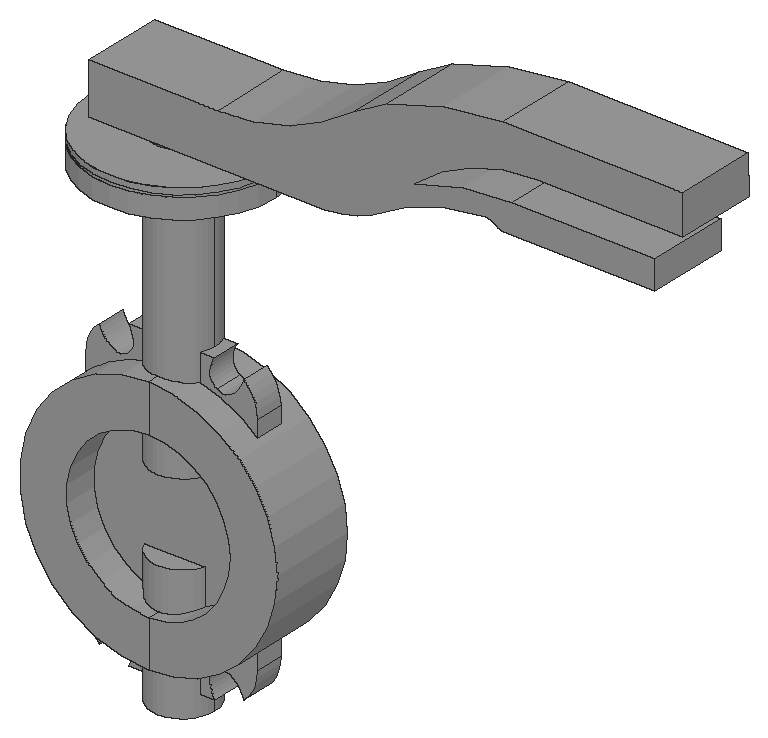
Revit family "2M_Butterfly Valve_UNIVAL_BWN-0203 - 40-300 mm", category Pipe Accessories, Revit 2016
Family settings
  Part Type = Valve - Breaks Into
  Round Connector Dimension = Use Diameter
  OmniClass Number = 23.65.55.14.17
  OmniClass Title = Adjusting/Controlling Valves for Liquid Services
  Work Plane-Based = No
  Always vertical = Yes
  Cut with Voids When Loaded = No
  Shared = No
Parameters (values of type "DN80")
  built-in parameter 1114242 [instance] = 1
  T = -10 mm
  Symbol_consist = Body_depth / 30 * 17  # 24.027 mm
  Seat Material = "EPDM, NBR"
  Loss Method = K Coefficient from Table
  Kv = 375
  K Coefficient Table = "Butterfly Valve Full Open"
  Ear_x1 = 22 mm
  Ear_y1 = 22 mm
  URL = "http://www.unival.com.tr/"
  Stem_top_h = 1 mm
  Standard No = "TS EN 593+A1"
  Pressure Rating = "PN16"
  Operator Type = M_Handle - Curved : Lever_260mm
  Model = "BWN-0203X080"
  Max. Working Temperature = "EPDM 120°C (water), NBR 90°C (water and petroleum oil)"
  Max. Working Pressure = "11 Bar"
  Max Diff. Pressure (Allowed) = "3 Bar"
  Manufacturer = "Giacomini Unival\r\nGiacomini Unival"
  Gasket Material = "EPDM, NBR"
  Stem_D = E / 51.5 * 34.5  # 30.816 mm
  Eclipse_r2 = Eclipse_r1 / 1.3  # 15.385 mm
  Eclipse_r1 = 20 mm
  Eclipse_l = 27 mm
  Eclipse_h = 70 mm
  EarEdge_r = 20 mm
  EarBottom_h = 75 mm
  E = 46 mm
  Disc_r = DN / 2  # 40 mm
  Description TR = "Wafer tip kelebek vana"
  Description = "Wafer type butterfly valve"
  DN = 80 mm
  D = 90 mm
  Connection Type = "Wafer"
  Certifications = "TSE EAC CE"
  Body_depth = DN * 0.53  # 42.4 mm
  Body Material = "Cast iron"
  Body_r = DN / 2 + 23 mm  # 63 mm
  B = 85 mm
  Eclipse_angle = 30.00°
  A = 160 mm
Types (10, lengths in mm): name | Symbol_consist | Kv | Ear_x1 | Ear_y1 | Stem_top_h | Operator Type | Model | Max Diff. Pressure (Allowed) | Stem_D | Eclipse_r2 | Eclipse_r1 | Eclipse_l | Eclipse_h | EarEdge_r | EarBottom_h | E | Disc_r | DN | D | Body_depth | Body_r | B | Eclipse_angle | A
  DN100 | 30.033 | 760 | 32 | 40 | 1 | M_Handle - Curved : Lever_260mm | "BWN-0203X100" | "3 Bar" | 34.5 | 20 | 26 | 36 | 86 | 25 | 90 | 51.5 | 50 | 100 | 90 | 53 | 73 | 100 | 30.00° | 180
  DN250 | 75.083 | 5050 | 75 | 70 | 26 | M_Handle - Curved : Lever_416mm | "BWN-0203X250" | "1.5 Bar" | 45.888 | 40 | 52 | 70 | 168 | 32 | 180 | 68.5 | 125 | 250 | 125 | 132.5 | 148 | 200 | 30.00° | 274
  DN40 | 12.013 | 49.5 | 20 | 22 | 1 | M_Handle - Curved : Lever_260mm | "BWN-0203X040" | "3 Bar" | 23.112 | 12.308 | 16 | 20 | 50 | 10 | 54 | 34.5 | 20 | 40 | 90 | 21.2 | 43 | 63.5 | 20.00° | 140
  DN50 | 15.017 | 115 | 22 | 22 | 1 | M_Handle - Curved : Lever_260mm | "BWN-0203X050" | "3 Bar" | 28.806 | 13.846 | 18 | 24 | 54 | 14 | 60 | 43 | 25 | 50 | 90 | 26.5 | 48 | 68.5 | 30.00° | 140
  DN65 | 19.522 | 255 | 24 | 22 | 1 | M_Handle - Curved : Lever_260mm | "BWN-0203X065" | "3 Bar" | 30.146 | 13.846 | 18 | 25 | 65 | 14 | 70 | 45 | 32.5 | 65 | 90 | 34.45 | 55.5 | 76 | 30.00° | 152
  DN80 | 24.027 | 375 | 22 | 22 | 1 | M_Handle - Curved : Lever_260mm | "BWN-0203X080" | "3 Bar" | 30.816 | 15.385 | 20 | 27 | 70 | 20 | 75 | 46 | 40 | 80 | 90 | 42.4 | 63 | 85 | 30.00° | 160
  DN125 | 37.542 | 1030 | 34 | 36 | 1 | M_Handle - Curved : Lever_260mm | "BWN-0203X125" | "3 Bar" | 37.515 | 21.538 | 28 | 38 | 98 | 28 | 105 | 56 | 62.5 | 125 | 90 | 66.25 | 85.5 | 120 | 30.00° | 191
  DN150 | 45.05 | 1790 | 42 | 42 | 1 | M_Handle - Curved : Lever_260mm | "BWN-0203X150" | "3 Bar" | 37.85 | 23.077 | 30 | 46 | 110 | 25 | 117 | 56.5 | 75 | 150 | 90 | 79.5 | 98 | 132 | 30.00° | 202
  DN200 | 60.067 | 3450 | 56 | 52 | 23 | M_Handle - Curved : Lever_326mm | "BWN-0203X200" | "3 Bar" | 40.194 | 32.308 | 42 | 58 | 136 | 30 | 145 | 60 | 100 | 200 | 125 | 106 | 123 | 160 | 30.00° | 237
  DN300 | 90.1 | 7420 | 80 | 80 | 26 | M_Handle - Curved : Lever_416mm | "BWN-0203X300" | "1.5 Bar" | 53.257 | 44.615 | 58 | 84 | 194 | 40 | 208 | 79.5 | 150 | 300 | 125 | 159 | 173 | 230 | 30.00° | 312
Reference planes
  plane 1 "Center (Front/Back)": y = 0
  plane 2: z = 0
  plane 3 "Center (Left/Right)": x = 0
  plane 4 "Disk": z = 40
  plane 5 "Disc 2": z = -40
  plane 6 "A": z = 160
  plane 7: z = -85
  plane 8: z = 20
  plane 9: z = -20
  plane 10 "Handle_Plane": z = 161
  plane 11: y = 21.2
  plane 12: y = -21.2
  plane 13: x = -84.994
  plane 14: x = 84.994
Forms (mm)
  Extrusion 1, solid, material "UNIVAL_Grey", detail levels fine
    sketch origin (0, 0, 0) x (1, 0, 0) y (0, 0, 1)
      loop
        circle (0, 0) r 40
    from -5 to 5
  Revolve 2, solid, material "UNIVAL_IRON", detail levels fine
    sketch origin (0, 0, 0) x (0, 1, 0) y (0, 0, 1)
      loop
        line (21.2, 63) -> (-21.2, 63) -> (-21.2, 40) -> (21.2, 40) -> (21.2, 63)
      axis (21.2, 0) -> (-21.2, 0)
    angle from 0 to 360
  Extrusion 3, solid, material "UNIVAL_IRON", detail levels fine
    sketch origin (0, 0, 0) x (1, 0, 0) y (0, 1, 0)
      loop
        circle (0, 0) r 15.408
    from 40 to 160
  Extrusion 4, solid, material "UNIVAL_IRON", detail levels fine
    sketch origin (0, 0, 0) x (1, 0, 0) y (0, 1, 0)
      loop
        circle (0, 0) r 15.408
    from -85 to -40
  Extrusion 5, solid, material "UNIVAL_IRON", detail levels fine
    sketch origin (0, 0, 160) x (1, 0, 0) y (0, 1, 0)
      loop
        circle (0, 0) r 45
    from -10 <- "T" to 0
  Extrusion 6, solid, material "UNIVAL_Grey", detail levels fine
    sketch origin (0, 0, 40) x (-1, 0, 0) y (0, -1, 0)
      loop
        circle (0, 0) r 15.408
    from -20 to 0
  Extrusion 7, solid, material "UNIVAL_Grey", detail levels fine
    sketch origin (0, 0, -40) x (-1, 0, 0) y (0, -1, 0)
      loop
        circle (0, 0) r 15.408
    from 0 to 20
  Extrusion 8, solid, material "UNIVAL_IRON", detail levels fine
    sketch origin (-1351.99, -1524, 160) x (-1, 0, 0) y (0, -1, 0)
      loop
        circle (-1351.99, -1524) r 45
    from 0 to 1 <- "Stem_top_h"
  Extrusion 9, solid, material "UNIVAL_IRON", detail levels fine
    sketch origin (0, 0, 0) x (1, 0, 0) y (0, 0, 1)
      loop
        arc (-22, 75) -> (-36.142, 69.142) -> (-42, 55) r 20
        line (-42, 55) -> (-42, 46.957)
        arc (-42, 46.957) -> (0, 63) -> (42, 46.957) r 63
        line (42, 46.957) -> (42, 55)
        arc (42, 55) -> (36.142, 69.142) -> (22, 75) r 20
        line (22, 75) -> (0, 75) -> (-22, 75)
      loop
        line (-22, -75) -> (0, -75) -> (22, -75)
        arc (22, -75) -> (36.142, -69.142) -> (42, -55) r 20
        line (42, -55) -> (42, -46.957)
        arc (42, -46.957) -> (0, -63) -> (-42, -46.957) r 63
        line (-42, -46.957) -> (-42, -55)
        arc (-42, -55) -> (-36.142, -69.142) -> (-22, -75) r 20
    from -7 to 7
  Extrusion 10, void, detail levels medium+fine
    sketch origin (0, 0, 0) x (1, 0, 0) y (0, 0, 1)
      loop
        spline (22, 61.34) -> (23.895, 60.639) -> (26.001, 60.577) -> (28.175, 61.157) -> (30.269, 62.339) -> (32.141, 64.043) -> (33.662, 66.154) -> (34.729, 68.526) -> (35.269, 70.999) -> (35.246, 73.404) -> (34.661, 75.577) -> (33.554, 77.37) -> (32, 78.66)
        spline (32, 78.66) -> (30.105, 79.361) -> (27.999, 79.423) -> (25.825, 78.843) -> (23.731, 77.661) -> (21.859, 75.957) -> (20.338, 73.846) -> (19.271, 71.474) -> (18.731, 69.001) -> (18.754, 66.596) -> (19.339, 64.423) -> (20.446, 62.63) -> (22, 61.34)
    from -7 to 7
  Extrusion 11, void, detail levels medium+fine
    sketch origin (0, 0, 0) x (-1, 0, 0) y (0, 0, -1)
      loop
        spline (22, -61.34) -> (20.446, -62.63) -> (19.339, -64.423) -> (18.754, -66.596) -> (18.731, -69.001) -> (19.271, -71.474) -> (20.338, -73.846) -> (21.859, -75.957) -> (23.731, -77.661) -> (25.825, -78.843) -> (27.999, -79.423) -> (30.105, -79.361) -> (32, -78.66)
        spline (32, -78.66) -> (33.554, -77.37) -> (34.661, -75.577) -> (35.246, -73.404) -> (35.269, -70.999) -> (34.729, -68.526) -> (33.662, -66.154) -> (32.141, -64.043) -> (30.269, -62.339) -> (28.175, -61.157) -> (26.001, -60.577) -> (23.895, -60.639) -> (22, -61.34)
    from -7 to 7
  Extrusion 12, void, detail levels medium+fine
    sketch origin (0, 0, 0) x (1, 0, 0) y (0, 0, 1)
      loop
        spline (22, -61.34) -> (20.446, -62.63) -> (19.339, -64.423) -> (18.754, -66.596) -> (18.731, -69.001) -> (19.271, -71.474) -> (20.338, -73.846) -> (21.859, -75.957) -> (23.731, -77.661) -> (25.825, -78.843) -> (27.999, -79.423) -> (30.105, -79.361) -> (32, -78.66)
        spline (32, -78.66) -> (33.554, -77.37) -> (34.661, -75.577) -> (35.246, -73.404) -> (35.269, -70.999) -> (34.729, -68.526) -> (33.662, -66.154) -> (32.141, -64.043) -> (30.269, -62.339) -> (28.175, -61.157) -> (26.001, -60.577) -> (23.895, -60.639) -> (22, -61.34)
    from -7 to 7
  Extrusion 13, void, detail levels medium+fine
    sketch origin (0, 0, 0) x (-1, 0, 0) y (0, 0, -1)
      loop
        spline (22, 61.34) -> (23.895, 60.639) -> (26.001, 60.577) -> (28.175, 61.157) -> (30.269, 62.339) -> (32.141, 64.043) -> (33.662, 66.154) -> (34.729, 68.526) -> (35.269, 70.999) -> (35.246, 73.404) -> (34.661, 75.577) -> (33.554, 77.37) -> (32, 78.66)
        spline (32, 78.66) -> (30.105, 79.361) -> (27.999, 79.423) -> (25.825, 78.843) -> (23.731, 77.661) -> (21.859, 75.957) -> (20.338, 73.846) -> (19.271, 71.474) -> (18.731, 69.001) -> (18.754, 66.596) -> (19.339, 64.423) -> (20.446, 62.63) -> (22, 61.34)
    from -7 to 7
Cuts and joins
  joined: Revolve 2, Extrusion 3, Extrusion 4, Extrusion 5
  joined: Extrusion 1, Extrusion 6, Extrusion 7
  Extrusion 10, Extrusion 11, Extrusion 12, Extrusion 13 cuts Extrusion 9
Lines and regions (mm)
  model lines, detail levels coarse+medium
    curve 1: line (-12.013, 21.2, 0) -> (12.013, 21.2, 0)
    curve 3: line (12.013, -21.2, 0) -> (-12.013, -21.2, 0)
    curve 5: line (-12.013, -21.2, 0) -> (12.013, 21.2, 0)
    curve 6: line (12.013, -21.2, 0) -> (-12.013, 21.2, 0)
  model lines, not visible, detail levels coarse+medium
    curve 2: line (-12.013, -21.2, 0) -> (-12.013, 21.2, 0)
    curve 4: line (12.013, 21.2, 0) -> (12.013, -21.2, 0)
Dimensions and locks
  equal spacing: Revolve 2 sketch curve, plane 1 "Center (Front/Back)", Revolve 2 sketch curve
  "Body_depth": Revolve 2 sketch curve to Revolve 2 sketch curve
  "Disc_r": Revolve 2 sketch curve to Revolve 2 sketch curve
  "Body_r": Revolve 2 sketch curve to Revolve 2 sketch curve
  "Disc_r": plane 4 "Disk" to plane 2
  "Disc_r": level to plane 5 "Disc 2"
  "A": plane 6 "A" to plane 2
  "B": level to plane 7
  equal spacing: plane 4 "Disk", plane 8, level
  equal spacing: level, plane 9, plane 5 "Disc 2"
  "Stem_top_h": plane 10 "Handle_Plane" to plane 6 "A"
  "Body_depth": plane 12 to plane 11
  equal spacing: plane 12, plane 1 "Center (Front/Back)", plane 11
  "Ear_x1": Extrusion 9 sketch curve to plane 3 "Center (Left/Right)"  (x2)
  "Eclipse_l": Extrusion 10 sketch curve to plane 3 "Center (Left/Right)"
  "Eclipse_h": Extrusion 10 sketch curve to level
  "Eclipse_r2": Extrusion 10 sketch curve to Extrusion 10 sketch curve
  "Eclipse_r1": Extrusion 10 sketch curve to Extrusion 10 sketch curve
  "Eclipse_r2": Extrusion 11 sketch curve to Extrusion 11 sketch curve
  "Eclipse_r1": Extrusion 11 sketch curve to Extrusion 11 sketch curve
  "Eclipse_l": plane 3 "Center (Left/Right)" to Extrusion 11 sketch curve
  "Eclipse_h": Extrusion 11 sketch curve to level
  "Eclipse_r2": Extrusion 12 sketch curve to Extrusion 12 sketch curve
  "Eclipse_r1": Extrusion 12 sketch curve to Extrusion 12 sketch curve
  "Eclipse_r2": Extrusion 13 sketch curve to Extrusion 13 sketch curve
  "Eclipse_r1": Extrusion 13 sketch curve to Extrusion 13 sketch curve
  "Eclipse_h": level to Extrusion 12 sketch curve
  "Eclipse_l": Extrusion 12 sketch curve to plane 3 "Center (Left/Right)"
  "Eclipse_l": plane 3 "Center (Left/Right)" to Extrusion 13 sketch curve
  "Eclipse_h": level to Extrusion 13 sketch curve
  equal spacing: Extrusion 9 sketch curve, Extrusion 9 sketch curve, Extrusion 9 sketch curve
  "Ear_x1": plane 3 "Center (Left/Right)" to Extrusion 9 sketch curve  (x2)
  "EarBottom_h": level to Extrusion 9 sketch curve
  "Symbol_consist": curve 2 to curve 1
  equal spacing: curve 2, plane 3 "Center (Left/Right)", curve 4
  "EarBottom_h": Extrusion 9 sketch curve to plane 2
  equal spacing: Extrusion 9 sketch curve, plane 3 "Center (Left/Right)", Extrusion 9 sketch curve
  "Disc_r": radius of Extrusion 1 sketch curve
  "Stem_D": diameter of Extrusion 3 sketch curve
  "Stem_D": diameter of Extrusion 4 sketch curve
  "D": diameter of Extrusion 5 sketch curve
  "Stem_D": diameter of Extrusion 6 sketch curve
  "Stem_D": diameter of Extrusion 7 sketch curve
  "D": diameter of Extrusion 8 sketch curve
  "EarEdge_r": radius of Extrusion 9 sketch curve  (x3)
  "Eclipse_angle": angle plane 3 "Center (Left/Right)" to Extrusion 11 sketch curve
  "Eclipse_angle": angle plane 3 "Center (Left/Right)" to Extrusion 12 sketch curve
  "Eclipse_angle": angle Extrusion 13 sketch curve to plane 3 "Center (Left/Right)"
  "Eclipse_angle": angle Extrusion 10 sketch curve to plane 3 "Center (Left/Right)"
  aligned and locked: level to plane 2
  aligned and locked: Revolve 2 sketch curve to level
  aligned and locked: Extrusion 3 to plane 4 "Disk"
  aligned and locked: plane 6 "A" to Extrusion 3
  aligned and locked: plane 5 "Disc 2" to Extrusion 4
  aligned and locked: plane 7 to Extrusion 4
  aligned and locked: Extrusion 6 to Extrusion 3
  aligned and locked: Extrusion 6 to plane 8
  aligned and locked: plane 9 to Extrusion 7
  aligned and locked: Extrusion 7 to plane 5 "Disc 2"
  aligned and locked: Extrusion 9 sketch curve to cut or joined group of Revolve 2, Extrusion 3, Extrusion 4, Extrusion 5  (x2)
Automatic sketch dimensions
  Extrusion 1 sketch curve to level = 0 mm
  Extrusion 1 sketch curve to plane 3 "Center (Left/Right)" = 0 mm
  plane 12 to Revolve 2 sketch curve = 2821.218 mm
  Revolve 2 sketch curve to plane 11 = 1437.719 mm
  plane 1 "Center (Front/Back)" to Extrusion 3 sketch curve = 0 mm
  Extrusion 3 sketch curve to plane 3 "Center (Left/Right)" = 0 mm
  plane 1 "Center (Front/Back)" to Extrusion 4 sketch curve = 0 mm
  Extrusion 4 sketch curve to plane 3 "Center (Left/Right)" = 0 mm
  plane 1 "Center (Front/Back)" to Extrusion 6 sketch curve = 0 mm
  Extrusion 6 sketch curve to plane 3 "Center (Left/Right)" = 0 mm
  plane 1 "Center (Front/Back)" to Extrusion 7 sketch curve = 0 mm
  Extrusion 7 sketch curve to plane 3 "Center (Left/Right)" = 0 mm
  plane 1 "Center (Front/Back)" to Extrusion 8 sketch curve = 0 mm
  Extrusion 8 sketch curve to plane 3 "Center (Left/Right)" = 0 mm
  plane 12 to curve 3 = 0 mm
  plane 11 to curve 2 = 0 mm
  Extrusion 9 sketch curve to plane 3 "Center (Left/Right)" = 0 mm
Nested families
  nested 1: "M_Handle - Curved" at (0, 0, 161), type <- "Operator Type", type "Lever_260mm", detail levels fine
    with Stem_D 30.816 mm
Connectors
  piping at (0, -21.2, 0), diameter 80, driven by "DN"
    settings: on Revolve 2, index 1, connector inside diameter 609.6 mm, connector length 0 mm, flow factor 0, pipe flow 0.0 L/s, pressure drop 0.0 Pa, fitting loss kfactor 0, connector angle 0.00°, fixture units 0, engagement length 0 mm, angle of deflection 0.00°, flow configuration 0, flow direction 0, fitting loss method 0, system type 29, joint type 0, gender type 0, connector reference index 2, connector utility 0, adjustable connector no, is connector primary yes, connector description ""
  piping at (0, 21.2, 0), diameter 80, driven by "DN"
    settings: on Revolve 2, index 2, connector inside diameter 609.6 mm, connector length 0 mm, flow factor 0, pipe flow 0.0 L/s, pressure drop 0.0 Pa, fitting loss kfactor 0, connector angle 0.00°, fixture units 0, engagement length 0 mm, angle of deflection 0.00°, flow configuration 0, flow direction 0, fitting loss method 0, system type 29, joint type 0, gender type 0, connector reference index 1, connector utility 0, adjustable connector no, is connector primary no, connector description ""
Definition of nested family "M_Handle - Curved"
  Parameters (values of type "Lever_326mm")
    Stem_D = 23.112 mm
    L_Handle = 260 mm
    L2 = L1 + 3 mm  # 140 mm
    L1 = 137 mm
    Default Elevation = 1219.2 mm
    D_Handle = 23.112 mm
  Types (3, lengths in mm): name | L_Handle | L2 | L1 | D_Handle
    Lever_260mm | 26 | 74 | 71 | 90
    Lever_326mm | 260 | 140 | 137 | 23.112
    Lever_416mm | 260 | 230 | 227 | 23.112
  Reference planes
    plane 1 "Center (Front/Back)": y = 0
    plane 2: z = 0
    plane 3 "Center (Left/Right)": x = 0
  Forms (mm)
    Extrusion 1, solid
      sketch origin (0, 0, 0) x (1, 0, 0) y (0, 1, 0)
        loop
          line (-360, 340) -> (-360, -334.649) -> (361.39, -334.649) -> (361.39, 340) -> (-360, 340)
      from 0 to -82.308
    Extrusion 2, solid
      sketch origin (-41.968, 0, -746.489) x (1, 0, 0) y (0, 0, 1)
        loop
          line (11.968, 753.489) -> (127.16, 753.489)
          arc (127.16, 753.489) -> (139.188, 755.108) -> (150.552, 759.372) r 54.013
          arc (150.552, 759.372) -> (176.894, 772.229) -> (205.698, 777.663) r 109.864
          arc (205.698, 777.663) -> (208.156, 777.429) -> (210.44, 776.49) r 8.395
          arc (210.44, 776.49) -> (212.221, 774.984) -> (214.509, 774.535) r 4.642
          line (214.509, 774.535) -> (354.509, 774.535) -> (354.509, 788.507) -> (218.712, 788.507)
          arc (218.712, 788.507) -> (194.423, 786.381) -> (170.871, 780.071) r 139.878
          arc (170.871, 780.071) -> (198.908, 796.978) -> (231.113, 802.867) r 90.996
          line (231.113, 802.867) -> (368.113, 802.867) -> (368.113, 822.274) -> (214.272, 822.274)
          arc (214.272, 822.274) -> (185.304, 818.955) -> (157.465, 810.285) r 155.405
          line (157.465, 810.285) -> (141.473, 801.155)
          arc (141.473, 801.155) -> (109.966, 784.24) -> (74.686, 778.393) r 109.363
          line (74.686, 778.393) -> (11.968, 778.393) -> (11.968, 753.489)
      from -20 to 20
    Extrusion 3, solid
      sketch origin (0, 0, 0) x (1, 0, 0) y (0, 1, 0)
        loop
          circle (0, 0) r 11.556
      from 0 to 3
    Extrusion 4, solid
      sketch origin (0, 0, 0) x (1, 0, 0) y (0, 1, 0)
        loop
          circle (0, 0) r 11.556
      from 0 to 7
  Dimensions and locks
    "L2": Extrusion 2 sketch curve to Extrusion 2 sketch curve
    Extrusion 2 to plane 3 "Center (Left/Right)" = 326.145 mm
    "D_Handle": diameter of Extrusion 3 sketch curve
    "D_Handle": diameter of Extrusion 3
    "Stem_D": diameter of Extrusion 4 sketch curve
    aligned and locked: plane 2 to Extrusion 1
    aligned and locked: level to Extrusion 1
    aligned and locked: plane 1 "Center (Front/Back)" to Extrusion 3 sketch curve
    aligned and locked: plane 1 "Center (Front/Back)" to Extrusion 4 sketch curve
    aligned and locked: plane 3 "Center (Left/Right)" to Extrusion 4 sketch curve
  Automatic sketch dimensions
    Extrusion 1 sketch curve to Extrusion 1 sketch curve = 721.39 mm
    Extrusion 1 sketch curve to Extrusion 1 sketch curve = 674.649 mm
    Extrusion 2 sketch curve to plane 3 "Center (Left/Right)" = 30 mm
    plane 3 "Center (Left/Right)" to Extrusion 2 sketch curve = 32.717 mm
    Extrusion 2 sketch curve to Extrusion 2 sketch curve = 51.329 mm
    level to Extrusion 2 sketch curve = 7 mm
    Extrusion 2 sketch curve to Extrusion 2 sketch curve = 1.145 mm
    Extrusion 2 sketch curve to Extrusion 2 sketch curve = 15.459 mm
    Extrusion 2 sketch curve to Extrusion 2 sketch curve = 15.992 mm
    Extrusion 2 sketch curve to Extrusion 2 sketch curve = 48.675 mm
    Extrusion 2 sketch curve to Extrusion 2 sketch curve = 5.341 mm
    Extrusion 2 sketch curve to Extrusion 2 sketch curve = 8.091 mm
    Extrusion 2 sketch curve to Extrusion 2 sketch curve = 0.041 mm
    Extrusion 2 sketch curve to Extrusion 2 sketch curve = 0.278 mm
    Extrusion 2 sketch curve to Extrusion 2 sketch curve = 5.915 mm
    Extrusion 2 sketch curve to Extrusion 2 sketch curve = 4.482 mm
    Extrusion 2 sketch curve to Extrusion 2 sketch curve = 13.718 mm
    Extrusion 2 sketch curve to Extrusion 2 sketch curve = 13.605 mm
    Extrusion 2 sketch curve to level = 34.618 mm
    Extrusion 2 sketch curve to Extrusion 2 sketch curve = 43.92 mm
    Extrusion 2 sketch curve to Extrusion 2 sketch curve = 1.051 mm
    Extrusion 2 sketch curve to Extrusion 2 sketch curve = 18.272 mm
    level to Extrusion 2 sketch curve = 22.79 mm
    Extrusion 2 sketch curve to Extrusion 2 sketch curve = 5.255 mm
    level to Extrusion 2 sketch curve = 31.903 mm
    Extrusion 2 sketch curve to Extrusion 2 sketch curve = 4.633 mm
    Extrusion 2 sketch curve to Extrusion 2 sketch curve = 13.971 mm
    Extrusion 2 sketch curve to Extrusion 2 sketch curve = 47.666 mm
    Extrusion 2 sketch curve to Extrusion 2 sketch curve = 14.361 mm
    Extrusion 2 sketch curve to Extrusion 2 sketch curve = 6.336 mm
    Extrusion 2 sketch curve to Extrusion 2 sketch curve = 9.13 mm
    level to Extrusion 2 sketch curve = 12.883 mm
    Extrusion 2 sketch curve to Extrusion 2 sketch curve = 0 mm
    Extrusion 3 sketch curve to plane 3 "Center (Left/Right)" = 0 mm
